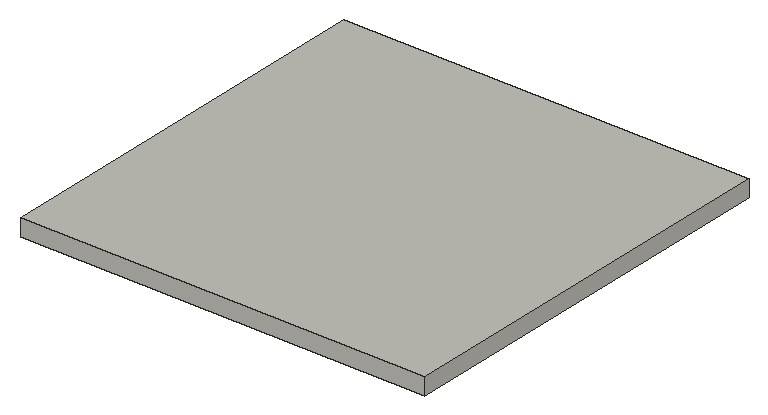
Revit family "Cambio Wall Systems - Acoustic - Fabric 36x36", category Generic Models, host Face, Revit 2023
Family settings
  Host = Face
  Can host rebar = No
  Round Connector Dimension = Use Diameter
  Part Type = Normal
  Cut with Voids When Loaded = No
  Maintain Annotation Orientation = No
  Shared = No
  Room Calculation Point = No
Parameters (values of type "Fabric Color - ZINC")
  Default Elevation = 4' - 0"
  Cambio Material = Cambio Fabric - Zinc
Types (13): name | Cambio Material
  Fabric Color - ZINC | Cambio Fabric - Zinc
  Fabric Color - TAUPE | Cambio Fabric - Taupe
  Fabric Color - STERLING | Cambio Fabric - Sterling
  Fabric Color - SLATE | Cambio Fabric - Sterling
  Fabric Color - SHADOW | Cambio Fabric - Shadow
  Fabric Color - SAND | Cambio Fabric - Sand
  Fabric Color - PEBBLE | Cambio Fabric - Pebble
  Fabric Color - PATINA | Cambio Fabric - Patina
  Fabric Color - NECTAR | Cambio Fabric - Nectar
  Fabric Color - FLINT | Cambio Fabric - Flint
  Fabric Color - FELDSPAR | Cambio Fabric - Feldspar
  Fabric Color - CHARCOAL | Cambio Fabric - Charcoal
  Fabric Color - ALMOND | Cambio Fabric - Almond
Reference planes (in)
  plane 1 "Center (Front/Back)": y = 0
  plane 2: z = 0
  plane 3 "Center (Left/Right)": x = 0
Forms (in)
  Extrusion 1, solid, material "Cambio Fabric - Zinc" <- "Cambio Material"
    sketch origin (0, 0, 0) x (1, 0, 0) y (0, 1, 0)
      loop
        line (-18, 18) -> (-18, -18) -> (18, -18) -> (18, 18) -> (-18, 18)
    from 0 to 1.5
Dimensions and locks (in)
  Extrusion 1 sketch curve to plane 3 "Center (Left/Right)" to Extrusion 1 sketch curve = 1' - 6" locked, 1' - 6" locked
  Extrusion 1 sketch curve to plane 1 "Center (Front/Back)" to Extrusion 1 sketch curve = 1' - 6" locked, 1' - 6" locked
  aligned and locked: plane 2 to host face
  aligned and locked: level to host face
